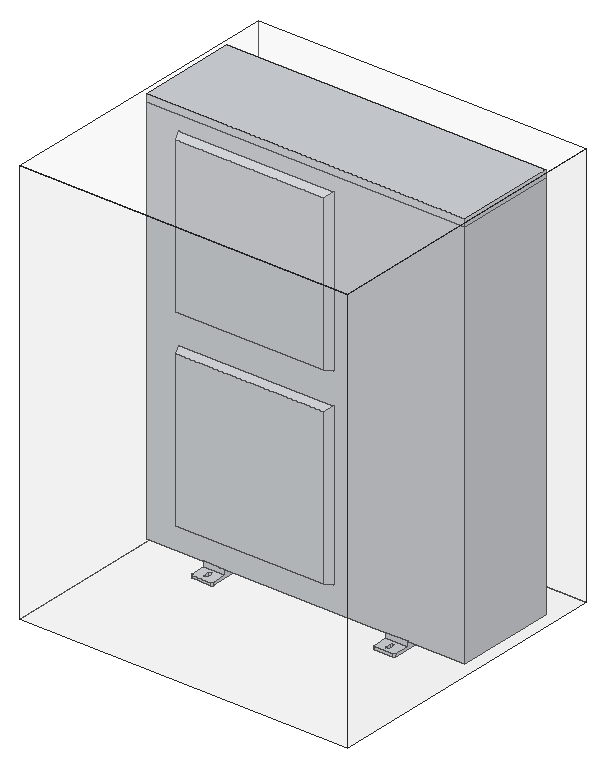
Revit family "puz-hrmp80160ka8_60hz", category 機械設備, Revit 2019
Family settings
  丸型コネクタ寸法 = 直径を使用
  パーツ タイプ = 標準
  OmniClass 番号 = 23.75.10.24.21.27.27
  OmniClass タイトル = Split System Air Conditioning Units
  作業面ベース = いいえ
  常に垂直 = はい
  ロード時にボイドで切り取り = いいえ
  共有 = いいえ
  部屋計算ポイント = いいえ
Parameters (values of type "室外機_PUZ-HRMP80KA8 (-BS_BSG)")
  音響パワーレベル_暖房 (dB) = 68
  音響パワーレベル_冷房 (dB) = 66
  音響パワーレベル(dB) = [音響パワーレベル_暖房 (dB)]  # 68
  電源種別 = ""
  電源位置Y = 2 mm
  電源位置Z = 1063 mm
  電源位置X = 325 mm
  電圧 = 200 V
  電動機出力_送風機 = 0.12 kW
  電動機出力_圧縮機 = 1.5 kW
  集中コントローラ [instance] = ""
  運転質量 = 0.00 kg
  運転方法 = "冷暖切替"
  質量 = if(製品質量 > 運転質量, 製品質量, 運転質量) * 1.2  # 135.60 kg
  負荷分類 = 1_熱源類
  説明 = "空冷H/P PAC インバータ室外機"
  設計暖房能力 [instance] = 0 kW
  設計冷房能力_顕熱 [instance] = 0 kW
  設計冷房能力 [instance] = 0 kW
  設置方法 = "床置形"
  記号 [instance] = ""
  製造元 = "三菱電機株式会社"
  製品質量 = 113.00 kg
  製品出荷対象 = "国内"
  製品リリース年月 = ""
  製品グループ = ""
  系統 [instance] = ""
  符号 = "PAC"
  積算_科目 = "1 空気調和設備"
  積算_拾い区分 [instance] = ""
  相 = 3
  盤記号 [instance] = ""
  発停方法 = "付属スイッチ"
  特殊仕様 [instance] = ""
  消費電力_暖房 = 1.92 kW
  消費電力_冷房 = 1.77 kW
  消費電力 = if(消費電力_冷房 > 消費電力_暖房, 消費電力_冷房, 消費電力_暖房)  # 1.92 kW
  法定耐用年数 = "6"
  構成品番 = "PUZ-HRMP80KA8 (-BS,-BSG)"
  極数 = 3
  材質 [instance] = ""
  本体マテリアル = none
  最小電線太さ_mm2 = 5.5
  最大電流値 = 0 A
  暖房能力 = 8 kW
  推奨ブレーカー容量 = 30 A
  据付ピッチ1 = 0 mm
  形式 = "パッケージ形 室外機"
  形名 = PUZ-ZRMP-3 : PUZ-ZRMP112KA11
  幹線記号 [instance] = ""
  始動方式 = "インバータ始動方式"
  呼称 = "パッケージ形空気調和機_室外機"
  周波数 = 60 Hz
  価格 = 0
  ドレン　位置Z = 23 mm
  ドレン　位置Y = 176 mm
  ドレン　位置X = 45 mm
  アンカーボルト位置Y = 370 mm
  アンカーボルト位置X = 600 mm
  参照している仕様書等のバージョン = "公共建築物標準仕様書（機械設備工事編）平成31年度版"
  分類コード = "5.0053E+13"
  分類グループ = ""
  冷房能力 = 7.1 kW
  冷媒管（ガス）位置X = 483 mm
  冷媒管（液）位置X = 423 mm
  冷媒管（液）位置Y = 290 mm
  冷媒管（ガス）位置Y = 234 mm
  冷媒管長 [instance] = 0 mm
  冷媒管径符号 = "Bd"
  冷媒管径 = 100.00 mm
  冷媒管位置Z = 450 mm
  冷媒管位置Y = (冷媒管（液）位置Y + 冷媒管（ガス）位置Y) / 2  # 262 mm
  冷媒管位置X = (冷媒管（液）位置X + 冷媒管（ガス）位置X) / 2  # 453 mm
  冷媒液管径 = 9.52 mm
  冷媒ガス管径 = 15.88 mm
  企業コード = "108420"
  付属品 [instance] = ""
  仕様書バージョン = "Version1.0"
  ユニット数 = 1
  Model = ""
  ドレン管径 = 33.00 mm
  サービススペース = yes
  コメント [instance] = ""
  ケーブル種類1 = ""
  【値が 0 の項目は組合せ形名にてご確認ください】 = ""
  Width = 1050 mm
  Version = ""
  Uniclass2015Version = "Systems v1.9"
  Uniclass2015Title = "Split coil remote air cooled condensing units"
  Uniclass2015Code = "Pr_70_65_03_84"
  URL = "https://www.mitsubishielectric.co.jp/ldg/wink/ssl/top.do"
  SpecificationReference = ""
  SpecificationDescription = ""
  Revision = ""
  ProductInformation = ""
  OmniClassCode = "23-33 17 13 11"
  IfcTypeProduct = ""
  IfcProduct = ""
  IfcExportType = "AIRCONDITIONINGUNIT"
  IfcExportAs = "IfcUnitaryEquipmentType"
  Height = 1338 mm
  Depth = 330 mm
  Clearance Top = 0 mm
  Clearance Right = 15 mm
  Clearance Left = 15 mm
  Clearance Front = 500 mm
  Clearance Bottom = 0 mm
  Clearance Back = 150 mm
  COP = 0
  Author = "三菱電機株式会社"
  APF = 0
Reference planes
  plane 1 "中心(正面/背面)": y = 74
  plane 2: z = 0
  plane 3 "中心(左/右)": x = 830
  plane 4 "右": x = 1355
  plane 5 "左": x = 305
  plane 6 "背面": y = 239
  plane 7 "正面": y = -91
  plane 8 "上部": z = 1338
  plane 9 "Clearanse Top": z = 1338
  plane 10 "SS_back": y = 389
  plane 11 "SS_front": y = -591
  plane 12 "SS_left": x = 290
  plane 13 "SS_right": x = 1370
  plane 14: z = 0
  plane 15: y = -89
  plane 16: x = 1155
  plane 17: z = 1063
  plane 18: y = -87
  plane 19: y = -23
  plane 20: x = 1283
  plane 21: z = 450
  plane 22: z = 452
  plane 23: y = 63
  plane 24: x = 350
  plane 25: z = 25
  plane 26: z = 23
  plane 27: x = 530
  plane 28: x = 1130
  plane 29: y = 259
  plane 30: y = -111
Forms (mm)
  Extrusion 1, solid, detail levels fine
    sketch origin (0, -91, 0) x (1, 0, 0) y (0, 0, 1)
      loop
        circle (1155, 1063) r 13.5
    from -4 to -2
  Extrusion 2, solid, detail levels fine
    sketch origin (-1437.329, -1524, 54) x (-1, 0, 0) y (0, -1, 0)
      loop
        circle (-2720.329, -1501) r 50
    from 396 to 398
  Extrusion 3, solid, detail levels fine
    sketch origin (-1437.329, -1524, 54) x (-1, 0, 0) y (0, -1, 0)
      loop
        circle (-1787.329, -1587) r 16.5
    from -31 to -29
Lines and regions (mm)
  model lines, not visible
    curve 1: line (460, 178.667, 1289.179) -> (460, 297.73, 1289.179)
    curve 2: line (460, 178.667, 1056.056) -> (460, 178.667, 1289.179)
    curve 3: line (460, 297.73, 1056.056) -> (460, 178.667, 1056.056)
    curve 4: line (460, 297.73, 1289.179) -> (460, 297.73, 1056.056)
    curve 5: line (460, 47.598, 1289.179) -> (460, 166.661, 1289.179)
    curve 6: line (460, 47.598, 1056.056) -> (460, 47.598, 1289.179)
    curve 7: line (460, 166.661, 1056.056) -> (460, 47.598, 1056.056)
    curve 8: line (460, 166.661, 1289.179) -> (460, 166.661, 1056.056)
    curve 9: line (460, -83.471, 1289.179) -> (460, 35.592, 1289.179)
    curve 10: line (460, -83.471, 1056.056) -> (460, -83.471, 1289.179)
    curve 11: line (460, 35.592, 1056.056) -> (460, -83.471, 1056.056)
    curve 12: line (460, 35.592, 1289.179) -> (460, 35.592, 1056.056)
    curve 13: line (460, -150.779, 1289.179) -> (460, -95.75, 1289.179)
    curve 14: line (460, -150.779, 1056.056) -> (460, -150.779, 1289.179)
    curve 15: line (460, -95.75, 1056.056) -> (460, -150.779, 1056.056)
    curve 16: line (460, -95.75, 1289.179) -> (460, -95.75, 1056.056)
    curve 17: line (460, -150.779, 1283.175) -> (460, -132.596, 1283.175)
    curve 18: line (460, -150.779, 1062.059) -> (460, -150.779, 1283.175)
    curve 19: line (460, -132.596, 1062.059) -> (460, -150.779, 1062.059)
    curve 20: line (460, -132.596, 1283.175) -> (460, -132.596, 1062.059)
    curve 21: line (460, 178.667, 1046.051) -> (460, 297.73, 1046.051)
    curve 22: line (460, 178.667, 812.928) -> (460, 178.667, 1046.051)
    curve 23: line (460, 297.73, 812.928) -> (460, 178.667, 812.928)
    curve 24: line (460, 297.73, 1046.051) -> (460, 297.73, 812.928)
    curve 25: line (460, 47.598, 1046.051) -> (460, 166.661, 1046.051)
    curve 26: line (460, 47.598, 812.928) -> (460, 47.598, 1046.051)
    curve 27: line (460, 166.661, 812.928) -> (460, 47.598, 812.928)
    curve 28: line (460, 166.661, 1046.051) -> (460, 166.661, 812.928)
    curve 29: line (460, -83.471, 1046.051) -> (460, 35.592, 1046.051)
    curve 30: line (460, -83.471, 812.928) -> (460, -83.471, 1046.051)
    curve 31: line (460, 35.592, 812.928) -> (460, -83.471, 812.928)
    curve 32: line (460, 35.592, 1046.051) -> (460, 35.592, 812.928)
    curve 33: line (460, -150.779, 1046.051) -> (460, -95.75, 1046.051)
    curve 34: line (460, -150.779, 812.928) -> (460, -150.779, 1046.051)
    curve 35: line (460, -95.75, 812.928) -> (460, -150.779, 812.928)
    curve 36: line (460, -95.75, 1046.051) -> (460, -95.75, 812.928)
    curve 37: line (460, -150.779, 1040.048) -> (460, -132.596, 1040.048)
    curve 38: line (460, -150.779, 818.931) -> (460, -150.779, 1040.048)
    curve 39: line (460, -132.596, 818.931) -> (460, -150.779, 818.931)
    curve 40: line (460, -132.596, 1040.048) -> (460, -132.596, 818.931)
    curve 41: line (460, 178.667, 802.923) -> (460, 297.73, 802.923)
    curve 42: line (460, 178.667, 569.8) -> (460, 178.667, 802.923)
    curve 43: line (460, 297.73, 569.8) -> (460, 178.667, 569.8)
    curve 44: line (460, 297.73, 802.923) -> (460, 297.73, 569.8)
    curve 45: line (460, 47.598, 802.923) -> (460, 166.661, 802.923)
    curve 46: line (460, 47.598, 569.8) -> (460, 47.598, 802.923)
    curve 47: line (460, 166.661, 569.8) -> (460, 47.598, 569.8)
    curve 48: line (460, 166.661, 802.923) -> (460, 166.661, 569.8)
    curve 49: line (460, -83.471, 802.923) -> (460, 35.592, 802.923)
    curve 50: line (460, -83.471, 569.8) -> (460, -83.471, 802.923)
    curve 51: line (460, 35.592, 569.8) -> (460, -83.471, 569.8)
    curve 52: line (460, 35.592, 802.923) -> (460, 35.592, 569.8)
    curve 53: line (460, -150.779, 802.923) -> (460, -95.75, 802.923)
    curve 54: line (460, -150.779, 569.8) -> (460, -150.779, 802.923)
    curve 55: line (460, -95.75, 569.8) -> (460, -150.779, 569.8)
    curve 56: line (460, -95.75, 802.923) -> (460, -95.75, 569.8)
    curve 57: line (460, -150.779, 796.92) -> (460, -132.596, 796.92)
    curve 58: line (460, -150.779, 575.803) -> (460, -150.779, 796.92)
    curve 59: line (460, -132.596, 575.803) -> (460, -150.779, 575.803)
    curve 60: line (460, -132.596, 796.92) -> (460, -132.596, 575.803)
    curve 61: line (460, 178.667, 559.795) -> (460, 297.73, 559.795)
    curve 62: line (460, 178.667, 326.672) -> (460, 178.667, 559.795)
    curve 63: line (460, 297.73, 326.672) -> (460, 178.667, 326.672)
    curve 64: line (460, 297.73, 559.795) -> (460, 297.73, 326.672)
    curve 65: line (460, 47.598, 559.795) -> (460, 166.661, 559.795)
    curve 66: line (460, 47.598, 326.672) -> (460, 47.598, 559.795)
    curve 67: line (460, 166.661, 326.672) -> (460, 47.598, 326.672)
    curve 68: line (460, 166.661, 559.795) -> (460, 166.661, 326.672)
    curve 69: line (460, -83.471, 559.795) -> (460, 35.592, 559.795)
    curve 70: line (460, -83.471, 326.672) -> (460, -83.471, 559.795)
    curve 71: line (460, 35.592, 326.672) -> (460, -83.471, 326.672)
    curve 72: line (460, 35.592, 559.795) -> (460, 35.592, 326.672)
    curve 73: line (460, -150.779, 559.795) -> (460, -95.75, 559.795)
    curve 74: line (460, -150.779, 326.672) -> (460, -150.779, 559.795)
    curve 75: line (460, -95.75, 326.672) -> (460, -150.779, 326.672)
    curve 76: line (460, -95.75, 559.795) -> (460, -95.75, 326.672)
    curve 77: line (460, -150.779, 553.792) -> (460, -132.596, 553.792)
    curve 78: line (460, -150.779, 332.675) -> (460, -150.779, 553.792)
    curve 79: line (460, -132.596, 332.675) -> (460, -150.779, 332.675)
    curve 80: line (460, -132.596, 553.792) -> (460, -132.596, 332.675)
    curve 81: line (460, 178.667, 316.667) -> (460, 297.73, 316.667)
    curve 82: line (460, 178.667, 83.544) -> (460, 178.667, 316.667)
    curve 83: line (460, 297.73, 83.544) -> (460, 178.667, 83.544)
    curve 84: line (460, 297.73, 316.667) -> (460, 297.73, 83.544)
    curve 85: line (460, 47.598, 316.667) -> (460, 166.661, 316.667)
    curve 86: line (460, 47.598, 83.544) -> (460, 47.598, 316.667)
    curve 87: line (460, 166.661, 83.544) -> (460, 47.598, 83.544)
    curve 88: line (460, 166.661, 316.667) -> (460, 166.661, 83.544)
    curve 89: line (460, -83.471, 316.667) -> (460, 35.592, 316.667)
    curve 90: line (460, -83.471, 83.544) -> (460, -83.471, 316.667)
    curve 91: line (460, 35.592, 83.544) -> (460, -83.471, 83.544)
    curve 92: line (460, 35.592, 316.667) -> (460, 35.592, 83.544)
    curve 93: line (460, -150.779, 316.667) -> (460, -95.75, 316.667)
    curve 94: line (460, -150.779, 83.544) -> (460, -150.779, 316.667)
    curve 95: line (460, -95.75, 83.544) -> (460, -150.779, 83.544)
    curve 96: line (460, -95.75, 316.667) -> (460, -95.75, 83.544)
    curve 97: line (460, -150.779, 310.664) -> (460, -132.596, 310.664)
    curve 98: line (460, -150.779, 89.547) -> (460, -150.779, 310.664)
    curve 99: line (460, -132.596, 89.547) -> (460, -150.779, 89.547)
    curve 100: line (460, -132.596, 310.664) -> (460, -132.596, 89.547)
Dimensions and locks
  equal spacing: plane 7 "正面", plane 1 "中心(正面/背面)", plane 6 "背面"
  "Depth": plane 7 "正面" to plane 6 "背面"
  "Width": plane 5 "左" to plane 4 "右"
  equal spacing: plane 5 "左", plane 3 "中心(左/右)", plane 4 "右"
  "Clearance Left": plane 12 "SS_left" to plane 5 "左"
  "Clearance Right": plane 4 "右" to plane 13 "SS_right"
  "Clearance Back": plane 6 "背面" to plane 10 "SS_back"
  "Clearance Front": plane 11 "SS_front" to plane 7 "正面"
  "Height": plane 8 "上部" to level
  "Clearance Top": plane 9 "Clearanse Top" to plane 8 "上部"
  "Clearance Bottom": level to plane 14
  "電源位置X": plane 3 "中心(左/右)" to plane 16
  "電源位置Y": plane 7 "正面" to plane 15
  "電源位置Z": plane 17 to level
  locked: plane 15 to plane 18 at 2
  "冷媒管位置X": plane 3 "中心(左/右)" to plane 20
  "冷媒管位置Y": plane 19 to plane 6 "背面"
  "冷媒管位置Z": plane 21 to level
  locked: plane 22 to plane 21 at 2
  "ドレン　位置X": plane 5 "左" to plane 24
  "ドレン　位置Y": plane 23 to plane 6 "背面"
  locked: plane 25 to plane 26 at 2
  "ドレン　位置Z": plane 26 to level
  equal spacing: plane 30, plane 1 "中心(正面/背面)", plane 29
  "アンカーボルト位置Y": plane 30 to plane 29
  equal spacing: plane 27, plane 3 "中心(左/右)", plane 28
  "アンカーボルト位置X": plane 27 to plane 28
  radius of Extrusion 1 sketch curve = 13.5 mm
  "冷媒管径": diameter of Extrusion 2 sketch curve
  "ドレン管径": diameter of Extrusion 3 sketch curve
  aligned and locked: level to plane 2
  aligned and locked: plane 10 "SS_back" to nested 1  (x2)
  aligned and locked: plane 13 "SS_right" to nested 1
  aligned and locked: plane 12 "SS_left" to nested 1  (x2)
  aligned and locked: nested 1 to plane 13 "SS_right"
  aligned and locked: plane 11 "SS_front" to nested 1
  aligned and locked: plane 9 "Clearanse Top" to nested 1
  aligned and locked: plane 1 "中心(正面/背面)" to nested 2
  aligned and locked: plane 3 "中心(左/右)" to nested 2
  aligned and locked: plane 14 to nested 1
  aligned and locked: plane 17 to Extrusion 1 sketch curve
  aligned and locked: plane 16 to Extrusion 1 sketch curve
  aligned and locked: Extrusion 1 to plane 18
  aligned and locked: plane 15 to Extrusion 1
  aligned and locked: plane 19 to Extrusion 2 sketch curve
  aligned and locked: plane 20 to Extrusion 2 sketch curve
  aligned and locked: plane 22 to Extrusion 2
  aligned and locked: Extrusion 2 to plane 21
  aligned and locked: plane 24 to Extrusion 3 sketch curve
  aligned and locked: plane 23 to Extrusion 3 sketch curve
  aligned and locked: plane 25 to Extrusion 3
  aligned and locked: Extrusion 3 to plane 26
  aligned and locked: plane 27 to nested 3
  aligned and locked: plane 29 to nested 3
Nested families
  nested 1: "サービススペース" at (830, -101, 669), visible <- "サービススペース", type "サービススペース"
    with Width 1080 mm, Height 1338 mm, Depth 980 mm
  nested 2: "PUZ-ZRMP-3" at (830, 74, 0), type <- "形名", type "PUZ-ZRMP112KA11"
  nested 3: "固定点" at (530, -111, 0), type "固定点"
    with W 600 mm, D 370 mm
Connectors
  piping at (1283, -23, 450), diameter 100, driven by "冷媒管径", driven by "冷媒管径符号"
    settings: on Extrusion 2, index 1, connector inside diameter 609.60 mm, connector length 0 mm, flow factor 0, pipe flow 0.0 L/s, pressure drop 0.0 Pa, fitting loss kfactor 0, connector angle 0.00°, fixture units 0, engagement length 0 mm, angle of deflection 0.00°, flow configuration 1, flow direction 2, fitting loss method 4, system type 7, joint type 0, gender type 0, connector reference index -1, connector utility 0, adjustable connector no, is connector primary yes, connector description "Bd"
  electrical at (1155, -89, 1063), driven by "極数", driven by "負荷分類", driven by "電圧", driven by "消費電力"
    settings: on Extrusion 1, index 2, voltage 200 V, apparent load 1920 VA, apparent load phase1 0 VA, apparent load phase2 0 VA, apparent load phase3 0 VA, power factor 1, load classification "1_熱源類", number of poles 3, system type 30, power factor state 1, is connector primary yes, connector utility no, sub classification motor no, connector description ""
Definition of nested family "サービススペース"
  Parameters (values of type "サービススペース")
    Width [instance] = 500 mm
    Height [instance] = 500 mm
    Depth [instance] = 500 mm
  Reference planes
    plane 1 "中心(正面/背面)": y = 0
    plane 2: z = 0
    plane 3 "中心(左/右)": x = 0
    plane 4: y = -250
    plane 5: x = 250
    plane 6: y = 250
    plane 7: x = -250
    plane 8: z = 250
    plane 9: z = -250
  Forms (mm)
    Extrusion 1, solid
      sketch origin (-638.939, 0, 72.39) x (1, 0, 0) y (0, 1, 0)
        loop
          line (388.939, 250) -> (388.939, -250) -> (888.939, -250) -> (888.939, 250) -> (388.939, 250)
      from -322.39 to 177.61
  Lines and regions (mm)
    symbolic lines
      curve 1: line (-250, 0, 250) -> (250, 0, 250)
      curve 2: line (-250, 0, -250) -> (-250, 0, 250)
      curve 3: line (250, 0, -250) -> (-250, 0, -250)
      curve 4: line (250, 0, 250) -> (250, 0, -250)
      curve 5: line (0, -250, 250) -> (0, 250, 250)
      curve 6: line (0, -250, -250) -> (0, -250, 250)
      curve 7: line (0, 250, -250) -> (0, -250, -250)
      curve 8: line (0, 250, 250) -> (0, 250, -250)
      curve 9: line (-250, 250, 0) -> (250, 250, 0)
      curve 10: line (-250, -250, 0) -> (-250, 250, 0)
      curve 11: line (250, -250, 0) -> (-250, -250, 0)
      curve 12: line (250, 250, 0) -> (250, -250, 0)
  Dimensions and locks
    equal spacing: plane 7, plane 3 "中心(左/右)", plane 5
    equal spacing: plane 4, plane 1 "中心(正面/背面)", plane 6
    "Depth": plane 4 to plane 6
    "Width": plane 7 to plane 5
    equal spacing: plane 8, plane 2, plane 9
    "Height": plane 8 to plane 9
    aligned and locked: plane 9 to curve 3
    aligned and locked: plane 7 to curve 2
    aligned and locked: curve 4 to plane 5
    aligned and locked: plane 5 to Extrusion 1
    aligned and locked: Extrusion 1 to plane 7
    aligned and locked: Extrusion 1 to plane 9
    aligned and locked: plane 8 to Extrusion 1
    aligned and locked: plane 9 to curve 7
  Automatic sketch dimensions
    plane 4 to Extrusion 1 sketch curve = 0 mm
    Extrusion 1 sketch curve to plane 7 = 0 mm
    Extrusion 1 sketch curve to plane 5 = 0 mm
    plane 6 to Extrusion 1 sketch curve = 0 mm
    curve 2 to plane 8 = 0 mm
    plane 4 to curve 11 = 0 mm
    curve 11 to plane 7 = 0 mm
    curve 11 to plane 5 = 0 mm
    plane 6 to curve 10 = 0 mm
    curve 7 to plane 4 = 0 mm
    curve 7 to plane 6 = 0 mm
    curve 6 to plane 8 = 0 mm
Definition of nested family "PUZ-ZRMP-3"
  Parameters (values of type "PUZ-ZRMP112KA11")
    配線取出口サイズ = 27 mm
    配線取出口-Z = 1063 mm
    配線取出口-Y = 325 mm
    配線取出口-X = 325 mm
    液配管サイズ = 100 mm
    高さ = 1338 mm
    換気-W = 362 mm
    換気-H2 = 632 mm
    換気-H1 = 369 mm
    換気-D = 25 mm
    奥行き = 330 mm
    吊りボルト_H = 0 mm
    吊りボルト-φ = 12 mm
    冷媒配管サイズ = 9.52 mm
    冷媒液管径-Z = 450 mm
    冷媒液管径-Y = 290 mm
    冷媒液管径-X = 423 mm
    冷媒ガス管径-Z = 421 mm
    冷媒ガス管径-Y = 234 mm
    冷媒ガス管径-X = 483 mm
    吊りボルト-W = 600 mm
    マテリアル = none
    ドレン配管サイズ = 33 mm
    ドレン管径-Z = 0 mm
    ドレン管径-Y = 154 mm
    ドレン管径-X = 480 mm
    タイプ3 = yes
    タイプ2 = no
    タイプ1 = no
    ガス配管サイズ = 15.88 mm
    吊りボルト-D = 370 mm
    幅さ = 1050 mm
    a = 幅さ / 2  # 525 mm
  Reference planes
    plane 1 "中心(正面/背面)": y = 0
    plane 2: z = 0
    plane 3 "中心(左/右)": x = 0
    plane 4: z = 1338
    plane 5: x = -525
    plane 6: x = 525
    plane 7: y = 165
    plane 8: y = -165
    plane 9: x = 587
    plane 10: y = -105
    plane 11: y = 5
    plane 12: z = 1313
    plane 13: x = -545
    plane 14: x = -300
    plane 15: x = 300
    plane 16: y = 185
    plane 17: y = -185
    plane 18: x = 335
    plane 19: x = 265
    plane 20: x = -265
    plane 21: x = -335
    plane 22: y = 204
    plane 23: y = -218
    plane 24: z = 8.5
    plane 25: z = 25
    plane 26: z = 23
    plane 27: z = 1333
    plane 28: y = -40
    plane 29: y = 40
    plane 30: y = -30
    plane 31: y = 30
    plane 32: z = 1318
    plane 33: z = 55
    plane 34: z = 225
    plane 35: z = 570
    plane 36: x = 535
    plane 37: x = 556
    plane 38: y = -190
    plane 39: x = -163
    plane 40: z = 369
    plane 41: x = 91
    plane 42: x = -417
    plane 43: z = 633
    plane 44: z = 105
    plane 45: x = -407
    plane 46: x = 81
    plane 47: z = 623
    plane 48: z = 115
    plane 49: y = 115
    plane 50: y = -115
    plane 51: x = -480
    plane 52: y = -11
    plane 53: x = 483
    plane 54: x = 325
    plane 55: y = -160
    plane 56: y = -125
    plane 57: y = -69
    plane 58: x = 423
    plane 59: z = 421
    plane 60: z = 450
    plane 61: z = 1063
    plane 62: y = -110
    plane 63: z = 550
    plane 64: z = 550
    plane 65: x = 453
    plane 66: y = -97
    plane 67 "グループ": x = -525
    plane 68: z = 1338
    plane 69: z = 943
    plane 70: z = 1001
    plane 71: z = 1265
    plane 72: z = 737
    plane 73: z = 1255
    plane 74: z = 747
    plane 75: y = 125
    plane 76: x = -370
    plane 77: x = -210
    plane 78: x = -50
    plane 79: x = 110
  Forms (mm)
    Extrusion 1, solid, visible <- "タイプ3", detail levels fine
      sketch origin (-1437.329, -1524, 1338) x (-1, 0, 0) y (0, -1, 0)
        loop
          line (-1102.329, -1689) -> (-1102.329, -1359) -> (-1172.329, -1359) -> (-1172.329, -1689) -> (-1102.329, -1689)
        loop
          line (-1702.329, -1689) -> (-1702.329, -1359) -> (-1772.329, -1359) -> (-1772.329, -1689) -> (-1702.329, -1689)
      from -1338 to -1313
    Extrusion 2, solid, material <- "マテリアル", visible <- "タイプ3", detail levels fine
      sketch origin (-1437.329, -1524, 1338) x (-1, 0, 0) y (0, -1, 0)
        loop
          line (-1962.329, -1689) -> (-912.329, -1689) -> (-912.329, -1359) -> (-1962.329, -1359) -> (-1962.329, -1689)
      from -1313 to -25
    Extrusion 3, solid, material <- "マテリアル", visible <- "タイプ3", detail levels fine
      sketch origin (-1437.329, -1524, 1338) x (-1, 0, 0) y (0, -1, 0)
        loop
          line (-912.329, -1689) -> (-912.329, -1359) -> (-1962.329, -1359) -> (-1962.329, -1689) -> (-912.329, -1689)
      from -25 to 0
    Blend 4, solid, material <- "マテリアル", visible <- "タイプ3", detail levels fine
      base sketch origin (0, 0, 0) x (1, 0, 0) y (0, 0, 1)
        loop
          line (-417, 633) -> (-417, 105) -> (91, 105) -> (91, 633) -> (-417, 633)
      top sketch origin (0, 0, 0) x (1, 0, 0) y (0, 0, 1)
        loop
          line (-407, 623) -> (-407, 115) -> (81, 115) -> (81, 623) -> (-407, 623)
      from 165 to 190
    Extrusion 5, solid, material <- "マテリアル", visible <- "タイプ3", detail levels fine
      sketch origin (-1437.329, -1524, 1338) x (-1, 0, 0) y (0, -1, 0)
        loop
          circle (-1920.329, -1455) r 7.94
      from -917 to -788
    Extrusion 6, solid, material <- "マテリアル", visible <- "タイプ3", detail levels fine
      sketch origin (-1437.329, -1524, 1338) x (-1, 0, 0) y (0, -1, 0)
        loop
          circle (-1860.329, -1399) r 4.76
      from -888 to -788
    Extrusion 7, solid, material <- "マテリアル", visible <- "タイプ3", detail levels fine
      sketch origin (1480.036, -190, 1200) x (1, 0, 0) y (0, 0, 1)
        loop
          circle (-1155.036, -137) r 13.5
      from -80 to -30
    Extrusion 8, solid, material <- "マテリアル", visible <- "タイプ3", detail levels fine
      sketch origin (-1437.329, -1524, 1338) x (-1, 0, 0) y (0, -1, 0)
        loop
          circle (-1890.329, -1427) r 50
      from -888 to -788
    Blend 9, solid, material <- "マテリアル", visible <- "タイプ3", detail levels fine
      base sketch origin (1480.036, -190, 1200) x (1, 0, 0) y (0, 0, 1)
        loop
          line (-1897.036, 65) -> (-1897.036, -463) -> (-1389.036, -463) -> (-1389.036, 65) -> (-1897.036, 65)
      top sketch origin (1480.036, -190, 1200) x (1, 0, 0) y (0, 0, 1)
        loop
          line (-1887.036, 55) -> (-1887.036, -453) -> (-1399.036, -453) -> (-1399.036, 55) -> (-1887.036, 55)
      from -25 to 0
    Extrusion 10, solid, visible <- "タイプ3", detail levels fine
      sketch origin (-1437.329, -1524, 1338) x (-1, 0, 0) y (0, -1, 0)
        loop
          line (-1102.329, -1728) -> (-1102.329, -1689) -> (-1172.329, -1689) -> (-1172.329, -1728) -> (-1143.329, -1728) -> (-1143.329, -1709)
          arc (-1143.329, -1709) -> (-1137.329, -1703) -> (-1131.329, -1709) r 6
          line (-1131.329, -1709) -> (-1131.329, -1728) -> (-1102.329, -1728)
        loop
          line (-1102.329, -1359) -> (-1102.329, -1311)
          arc (-1102.329, -1311) -> (-1103.794, -1307.464) -> (-1107.329, -1306) r 5
          line (-1107.329, -1306) -> (-1167.329, -1306)
          arc (-1167.329, -1306) -> (-1170.865, -1307.464) -> (-1172.329, -1311) r 5
          line (-1172.329, -1311) -> (-1172.329, -1359) -> (-1102.329, -1359)
        loop
          arc (-1143.329, -1339) -> (-1137.329, -1345) -> (-1131.329, -1339) r 6
          line (-1131.329, -1339) -> (-1131.329, -1324)
          arc (-1131.329, -1324) -> (-1137.329, -1318) -> (-1143.329, -1324) r 6
          line (-1143.329, -1324) -> (-1143.329, -1339)
        loop
          line (-1772.329, -1728) -> (-1743.329, -1728) -> (-1743.329, -1709)
          arc (-1743.329, -1709) -> (-1737.329, -1703) -> (-1731.329, -1709) r 6
          line (-1731.329, -1709) -> (-1731.329, -1728) -> (-1702.329, -1728) -> (-1702.329, -1689) -> (-1772.329, -1689) -> (-1772.329, -1728)
        loop
          line (-1772.329, -1359) -> (-1702.329, -1359) -> (-1702.329, -1311)
          arc (-1702.329, -1311) -> (-1703.794, -1307.464) -> (-1707.329, -1306) r 5
          line (-1707.329, -1306) -> (-1767.329, -1306)
          arc (-1767.329, -1306) -> (-1770.865, -1307.464) -> (-1772.329, -1311) r 5
          line (-1772.329, -1311) -> (-1772.329, -1359)
        loop
          line (-1731.329, -1339) -> (-1731.329, -1324)
          arc (-1731.329, -1324) -> (-1737.329, -1318) -> (-1743.329, -1324) r 6
          line (-1743.329, -1324) -> (-1743.329, -1339)
          arc (-1743.329, -1339) -> (-1737.329, -1345) -> (-1731.329, -1339) r 6
      from -1338 to -1329.5
    Extrusion 11, solid, material <- "マテリアル", visible <- "タイプ3", detail levels fine
      sketch origin (-1437.329, -1524, 1338) x (-1, 0, 0) y (0, -1, 0)
        loop
          circle (-957.329, -1513) r 16.5
        loop
          circle (-1067.329, -1649) r 16.5
        loop
          circle (-1227.329, -1649) r 16.5
        loop
          circle (-1387.329, -1649) r 16.5
        loop
          circle (-1547.329, -1649) r 16.5
      from -1315 to -1313
  Cuts and joins
    joined: Extrusion 1, Extrusion 10
  Lines and regions (mm)
    Masking region 1, visible <- "タイプ3", detail levels coarse+medium
      outline origin (-1437.329, -1524, 1338) x (-1, 0, 0) y (0, -1, 0)
        loop
          line (-1962.329, -1689) -> (-1772.329, -1689) -> (-1772.329, -1728) -> (-1702.329, -1728) -> (-1702.329, -1689) -> (-1172.329, -1689) -> (-1172.329, -1728) -> (-1102.329, -1728) -> (-1102.329, -1689) -> (-912.329, -1689) -> (-912.329, -1359) -> (-1020.329, -1359) -> (-1030.329, -1334) -> (-1102.329, -1334) -> (-1102.329, -1306) -> (-1172.329, -1306) -> (-1172.329, -1334) -> (-1518.329, -1334) -> (-1528.329, -1359) -> (-1702.329, -1359) -> (-1702.329, -1306) -> (-1772.329, -1306) -> (-1772.329, -1359) -> (-1962.329, -1359) -> (-1962.329, -1689)
    model lines, visible <- "タイプ3", detail levels fine
      curve 1: line (447, 115, 1338) -> (-445, 115, 1338)
      curve 2: line (-445, -115, 1338) -> (447, -115, 1338)
      curve 3: line (-445, -45, 1338) -> (447, -45, 1338)
      curve 4: line (447, 45, 1338) -> (-445, 45, 1338)
      curve 5: line (-445, -35, 1338) -> (447, -35, 1338)
      curve 6: line (447, 35, 1338) -> (-445, 35, 1338)
      curve 7: line (-445, 115, 1338) -> (-445, 45, 1338)
      curve 8: line (447, -115, 1338) -> (447, -45, 1338)
      curve 9: line (-445, 35, 1338) -> (-445, -35, 1338)
      curve 10: line (-445, -45, 1338) -> (-445, -115, 1338)
      curve 11: line (447, -35, 1338) -> (447, 35, 1338)
      curve 12: line (447, 45, 1338) -> (447, 115, 1338)
      curve 13: line (479, -115, 1338) -> (479, 115, 1338)
      curve 14: line (462, -115, 1338) -> (462, 115, 1338)
      curve 15: line (-475, 115, 1338) -> (-475, -115, 1338)
      curve 16: line (-460, 115, 1338) -> (-460, -115, 1338)
      curve 17: line (-460, 115, 1338) -> (-475, 115, 1338)
      curve 18: line (-460, -115, 1338) -> (-475, -115, 1338)
      curve 19: line (462, 115, 1338) -> (479, 115, 1338)
      curve 20: line (462, -115, 1338) -> (479, -115, 1338)
      curve 21: line (-407, -190, 416.5) -> (81, -190, 416.5)
      curve 22: line (81, -190, 321.5) -> (-407, -190, 321.5)
      curve 23: line (-407, -190, 511.5) -> (81, -190, 511.5)
      curve 24: line (-407, -190, 606.5) -> (81, -190, 606.5)
      curve 25: line (81, -190, 226.5) -> (-407, -190, 226.5)
      curve 26: line (81, -190, 131.5) -> (-407, -190, 131.5)
      curve 27: line (-389.571, -190, 623) -> (-389.571, -190, 115)
      curve 28: line (63.571, -190, 115) -> (63.571, -190, 623)
      curve 29: line (-372.143, -190, 623) -> (-372.143, -190, 115)
      curve 30: line (-354.714, -190, 623) -> (-354.714, -190, 115)
      curve 31: line (-337.286, -190, 623) -> (-337.286, -190, 115)
      curve 32: line (-319.857, -190, 623) -> (-319.857, -190, 115)
      curve 33: line (-302.429, -190, 623) -> (-302.429, -190, 115)
      curve 34: line (-285, -190, 623) -> (-285, -190, 115)
      curve 35: line (-267.571, -190, 623) -> (-267.571, -190, 115)
      curve 36: line (-250.143, -190, 623) -> (-250.143, -190, 115)
      curve 37: line (-232.714, -190, 623) -> (-232.714, -190, 115)
      curve 38: line (-215.286, -190, 623) -> (-215.286, -190, 115)
      curve 39: line (-197.857, -190, 623) -> (-197.857, -190, 115)
      curve 40: line (-180.429, -190, 623) -> (-180.429, -190, 115)
      curve 41: line (-163, -190, 623) -> (-163, -190, 115)
      curve 42: line (-145.571, -190, 623) -> (-145.571, -190, 115)
      curve 43: line (-128.143, -190, 623) -> (-128.143, -190, 115)
      curve 44: line (-110.714, -190, 623) -> (-110.714, -190, 115)
      curve 45: line (-93.286, -190, 623) -> (-93.286, -190, 115)
      curve 46: line (-75.857, -190, 623) -> (-75.857, -190, 115)
      curve 47: line (-58.429, -190, 623) -> (-58.429, -190, 115)
      curve 48: line (-41, -190, 623) -> (-41, -190, 115)
      curve 49: line (-23.571, -190, 623) -> (-23.571, -190, 115)
      curve 50: line (-6.143, -190, 623) -> (-6.143, -190, 115)
      curve 51: line (11.286, -190, 623) -> (11.286, -190, 115)
      curve 52: line (28.714, -190, 623) -> (28.714, -190, 115)
      curve 53: line (46.143, -190, 623) -> (46.143, -190, 115)
      curve 54: line (-525, -100, 87) -> (-525, -60, 87)
      curve 55: line (-525, -100, 277) -> (-525, -100, 87)
      curve 56: line (-525, -60, 277) -> (-525, -100, 277)
      curve 57: line (-525, -60, 87) -> (-525, -60, 277)
      curve 58: line (-525, -100, 292) -> (-525, -60, 292)
      curve 59: line (-525, -100, 482) -> (-525, -100, 292)
      curve 60: line (-525, -60, 482) -> (-525, -100, 482)
      curve 61: line (-525, -60, 292) -> (-525, -60, 482)
      curve 62: line (-525, -100, 497) -> (-525, -60, 497)
      curve 63: line (-525, -100, 687) -> (-525, -100, 497)
      curve 64: line (-525, -60, 687) -> (-525, -100, 687)
      curve 65: line (-525, -60, 497) -> (-525, -60, 687)
      curve 66: line (-525, -100, 702) -> (-525, -60, 702)
      curve 67: line (-525, -100, 892) -> (-525, -100, 702)
      curve 68: line (-525, -60, 892) -> (-525, -100, 892)
      curve 69: line (-525, -60, 702) -> (-525, -60, 892)
      curve 70: line (-525, 60, 87) -> (-525, 100, 87)
      curve 71: line (-525, 60, 277) -> (-525, 60, 87)
      curve 72: line (-525, 100, 277) -> (-525, 60, 277)
      curve 73: line (-525, 100, 87) -> (-525, 100, 277)
      curve 74: line (-525, -46.667, 87) -> (-525, -6.667, 87)
      curve 75: line (-525, -46.667, 277) -> (-525, -46.667, 87)
      curve 76: line (-525, -6.667, 277) -> (-525, -46.667, 277)
      curve 77: line (-525, -6.667, 87) -> (-525, -6.667, 277)
      curve 78: line (-525, 6.667, 87) -> (-525, 46.667, 87)
      curve 79: line (-525, 6.667, 277) -> (-525, 6.667, 87)
      curve 80: line (-525, 46.667, 277) -> (-525, 6.667, 277)
      curve 81: line (-525, 46.667, 87) -> (-525, 46.667, 277)
      curve 82: line (-525, 60, 292) -> (-525, 100, 292)
      curve 83: line (-525, 60, 482) -> (-525, 60, 292)
      curve 84: line (-525, 100, 482) -> (-525, 60, 482)
      curve 85: line (-525, 100, 292) -> (-525, 100, 482)
      curve 86: line (-525, 60, 702) -> (-525, 100, 702)
      curve 87: line (-525, 60, 892) -> (-525, 60, 702)
      curve 88: line (-525, 100, 892) -> (-525, 60, 892)
      curve 89: line (-525, 100, 702) -> (-525, 100, 892)
      curve 90: line (-525, -46.667, 292) -> (-525, -6.667, 292)
      curve 91: line (-525, -46.667, 482) -> (-525, -46.667, 292)
      curve 92: line (-525, -6.667, 482) -> (-525, -46.667, 482)
      curve 93: line (-525, -6.667, 292) -> (-525, -6.667, 482)
      curve 94: line (-525, -46.667, 497) -> (-525, -6.667, 497)
      curve 95: line (-525, -46.667, 687) -> (-525, -46.667, 497)
      curve 96: line (-525, -6.667, 687) -> (-525, -46.667, 687)
      curve 97: line (-525, -6.667, 497) -> (-525, -6.667, 687)
      curve 98: line (-525, -46.667, 702) -> (-525, -6.667, 702)
      curve 99: line (-525, -46.667, 892) -> (-525, -46.667, 702)
      curve 100: line (-525, -6.667, 892) -> (-525, -46.667, 892)
      curve 101: line (-525, -6.667, 702) -> (-525, -6.667, 892)
      curve 102: line (-525, 6.667, 292) -> (-525, 46.667, 292)
      curve 103: line (-525, 6.667, 482) -> (-525, 6.667, 292)
      curve 104: line (-525, 46.667, 482) -> (-525, 6.667, 482)
      curve 105: line (-525, 46.667, 292) -> (-525, 46.667, 482)
      curve 106: line (-525, 6.667, 497) -> (-525, 46.667, 497)
      curve 107: line (-525, 6.667, 687) -> (-525, 6.667, 497)
      curve 108: line (-525, 46.667, 687) -> (-525, 6.667, 687)
      curve 109: line (-525, 46.667, 497) -> (-525, 46.667, 687)
      curve 110: line (-525, 6.667, 702) -> (-525, 46.667, 702)
      curve 111: line (-525, 6.667, 892) -> (-525, 6.667, 702)
      curve 112: line (-525, 46.667, 892) -> (-525, 6.667, 892)
      curve 113: line (-525, 46.667, 702) -> (-525, 46.667, 892)
      curve 114: line (-525, -100, 907) -> (-525, -60, 907)
      curve 115: line (-525, -100, 1097) -> (-525, -100, 907)
      curve 116: line (-525, -60, 1097) -> (-525, -100, 1097)
      curve 117: line (-525, -60, 907) -> (-525, -60, 1097)
      curve 118: line (-525, 60, 907) -> (-525, 100, 907)
      curve 119: line (-525, 60, 1097) -> (-525, 60, 907)
      curve 120: line (-525, 100, 1097) -> (-525, 60, 1097)
      curve 121: line (-525, 100, 907) -> (-525, 100, 1097)
      curve 122: line (-525, -46.667, 907) -> (-525, -6.667, 907)
      curve 123: line (-525, -46.667, 1097) -> (-525, -46.667, 907)
      curve 124: line (-525, -6.667, 1097) -> (-525, -46.667, 1097)
      curve 125: line (-525, -6.667, 907) -> (-525, -6.667, 1097)
      curve 126: line (-525, 6.667, 907) -> (-525, 46.667, 907)
      curve 127: line (-525, 6.667, 1097) -> (-525, 6.667, 907)
      curve 128: line (-525, 46.667, 1097) -> (-525, 6.667, 1097)
      curve 129: line (-525, 46.667, 907) -> (-525, 46.667, 1097)
      curve 130: line (-525, -100, 1112) -> (-525, -60, 1112)
      curve 131: line (-525, -100, 1302) -> (-525, -100, 1112)
      curve 132: line (-525, -60, 1302) -> (-525, -100, 1302)
      curve 133: line (-525, -60, 1112) -> (-525, -60, 1302)
      curve 134: line (-525, 60, 1112) -> (-525, 100, 1112)
      curve 135: line (-525, 60, 1302) -> (-525, 60, 1112)
      curve 136: line (-525, 100, 1302) -> (-525, 60, 1302)
      curve 137: line (-525, 100, 1112) -> (-525, 100, 1302)
      curve 138: line (-525, -46.667, 1112) -> (-525, -6.667, 1112)
      curve 139: line (-525, -46.667, 1302) -> (-525, -46.667, 1112)
      curve 140: line (-525, -6.667, 1302) -> (-525, -46.667, 1302)
      curve 141: line (-525, -6.667, 1112) -> (-525, -6.667, 1302)
      curve 142: line (-525, 6.667, 1112) -> (-525, 46.667, 1112)
      curve 143: line (-525, 6.667, 1302) -> (-525, 6.667, 1112)
      curve 144: line (-525, 46.667, 1302) -> (-525, 6.667, 1302)
      curve 145: line (-525, 46.667, 1112) -> (-525, 46.667, 1302)
      curve 303: line (81, -190, 1238.5) -> (-407, -190, 1238.5)
      curve 304: line (-407, -190, 763.5) -> (81, -190, 763.5)
      curve 305: line (-389.571, -190, 1255) -> (-389.571, -190, 747)
      curve 306: line (81, -190, 858.5) -> (-407, -190, 858.5)
      curve 307: line (81, -190, 1143.5) -> (-407, -190, 1143.5)
      curve 308: line (81, -190, 1048.5) -> (-407, -190, 1048.5)
      curve 309: line (-407, -190, 953.5) -> (81, -190, 953.5)
      curve 310: line (-372.143, -190, 1255) -> (-372.143, -190, 747)
      curve 311: line (-354.714, -190, 1255) -> (-354.714, -190, 747)
      curve 312: line (-337.286, -190, 1255) -> (-337.286, -190, 747)
      curve 313: line (-319.857, -190, 1255) -> (-319.857, -190, 747)
      curve 314: line (-302.429, -190, 1255) -> (-302.429, -190, 747)
      curve 315: line (-285, -190, 1255) -> (-285, -190, 747)
      curve 316: line (-267.571, -190, 1255) -> (-267.571, -190, 747)
      curve 317: line (-250.143, -190, 1255) -> (-250.143, -190, 747)
      curve 318: line (-232.714, -190, 1255) -> (-232.714, -190, 747)
      curve 319: line (-215.286, -190, 1255) -> (-215.286, -190, 747)
      curve 320: line (-197.857, -190, 1255) -> (-197.857, -190, 747)
      curve 321: line (-180.429, -190, 1255) -> (-180.429, -190, 747)
      curve 322: line (-163, -190, 1255) -> (-163, -190, 747)
      curve 323: line (-145.571, -190, 1255) -> (-145.571, -190, 747)
      curve 324: line (-128.143, -190, 1255) -> (-128.143, -190, 747)
      curve 325: line (-110.714, -190, 1255) -> (-110.714, -190, 747)
      curve 326: line (-93.286, -190, 1255) -> (-93.286, -190, 747)
      curve 327: line (-75.857, -190, 1255) -> (-75.857, -190, 747)
      curve 328: line (-58.429, -190, 1255) -> (-58.429, -190, 747)
      curve 329: line (-41, -190, 1255) -> (-41, -190, 747)
      curve 330: line (-23.571, -190, 1255) -> (-23.571, -190, 747)
      curve 331: line (-6.143, -190, 1255) -> (-6.143, -190, 747)
      curve 332: line (11.286, -190, 1255) -> (11.286, -190, 747)
      curve 333: line (28.714, -190, 1255) -> (28.714, -190, 747)
      curve 334: line (46.143, -190, 1255) -> (46.143, -190, 747)
      curve 335: line (63.571, -190, 1255) -> (63.571, -190, 747)
    model lines, visible <- "タイプ3", not visible, detail levels fine
      curve 146: line (-525, -100, 907) -> (-525, -60, 907)
      curve 147: line (-525, -100, 1097) -> (-525, -100, 907)
      curve 148: line (-525, -60, 1097) -> (-525, -100, 1097)
      curve 149: line (-525, -60, 907) -> (-525, -60, 1097)
      curve 150: line (-525, 60, 907) -> (-525, 100, 907)
      curve 151: line (-525, 60, 1097) -> (-525, 60, 907)
      curve 152: line (-525, 100, 1097) -> (-525, 60, 1097)
      curve 153: line (-525, 100, 907) -> (-525, 100, 1097)
      curve 154: line (-525, -46.667, 907) -> (-525, -6.667, 907)
      curve 155: line (-525, -46.667, 1097) -> (-525, -46.667, 907)
      curve 156: line (-525, -6.667, 1097) -> (-525, -46.667, 1097)
      curve 157: line (-525, -6.667, 907) -> (-525, -6.667, 1097)
      curve 158: line (-525, 6.667, 907) -> (-525, 46.667, 907)
      curve 159: line (-525, 6.667, 1097) -> (-525, 6.667, 907)
      curve 160: line (-525, 46.667, 1097) -> (-525, 6.667, 1097)
      curve 161: line (-525, 46.667, 907) -> (-525, 46.667, 1097)
      curve 162: line (-525, -100, 1112) -> (-525, -60, 1112)
      curve 163: line (-525, -100, 1302) -> (-525, -100, 1112)
      curve 164: line (-525, -60, 1302) -> (-525, -100, 1302)
      curve 165: line (-525, -60, 1112) -> (-525, -60, 1302)
      curve 166: line (-525, 60, 1112) -> (-525, 100, 1112)
      curve 167: line (-525, 60, 1302) -> (-525, 60, 1112)
      curve 168: line (-525, 100, 1302) -> (-525, 60, 1302)
      curve 169: line (-525, 100, 1112) -> (-525, 100, 1302)
      curve 170: line (-525, -46.667, 1112) -> (-525, -6.667, 1112)
      curve 171: line (-525, -46.667, 1302) -> (-525, -46.667, 1112)
      curve 172: line (-525, -6.667, 1302) -> (-525, -46.667, 1302)
      curve 173: line (-525, -6.667, 1112) -> (-525, -6.667, 1302)
      curve 174: line (-525, 6.667, 1112) -> (-525, 46.667, 1112)
      curve 175: line (-525, 6.667, 1302) -> (-525, 6.667, 1112)
      curve 176: line (-525, 46.667, 1302) -> (-525, 6.667, 1302)
      curve 177: line (-525, 46.667, 1112) -> (-525, 46.667, 1302)
      curve 194: line (-525, -100, 87) -> (-525, -60, 87)
      curve 195: line (-525, -100, 277) -> (-525, -100, 87)
      curve 196: line (-525, -60, 277) -> (-525, -100, 277)
      curve 197: line (-525, -60, 87) -> (-525, -60, 277)
      curve 198: line (-525, -100, 292) -> (-525, -60, 292)
      curve 199: line (-525, -100, 482) -> (-525, -100, 292)
      curve 200: line (-525, -60, 482) -> (-525, -100, 482)
      curve 201: line (-525, -60, 292) -> (-525, -60, 482)
      curve 202: line (-525, -100, 497) -> (-525, -60, 497)
      curve 203: line (-525, -100, 687) -> (-525, -100, 497)
      curve 204: line (-525, -60, 687) -> (-525, -100, 687)
      curve 205: line (-525, -60, 497) -> (-525, -60, 687)
      curve 206: line (-525, -100, 702) -> (-525, -60, 702)
      curve 207: line (-525, -100, 892) -> (-525, -100, 702)
      curve 208: line (-525, -60, 892) -> (-525, -100, 892)
      curve 209: line (-525, -60, 702) -> (-525, -60, 892)
      curve 210: line (-525, 60, 87) -> (-525, 100, 87)
      curve 211: line (-525, 60, 277) -> (-525, 60, 87)
      curve 212: line (-525, 100, 277) -> (-525, 60, 277)
      curve 213: line (-525, 100, 87) -> (-525, 100, 277)
      curve 214: line (-525, -46.667, 87) -> (-525, -6.667, 87)
      curve 215: line (-525, -46.667, 277) -> (-525, -46.667, 87)
      curve 216: line (-525, -6.667, 277) -> (-525, -46.667, 277)
      curve 217: line (-525, -6.667, 87) -> (-525, -6.667, 277)
      curve 218: line (-525, 6.667, 87) -> (-525, 46.667, 87)
      curve 219: line (-525, 6.667, 277) -> (-525, 6.667, 87)
      curve 220: line (-525, 46.667, 277) -> (-525, 6.667, 277)
      curve 221: line (-525, 46.667, 87) -> (-525, 46.667, 277)
      curve 222: line (-525, 60, 292) -> (-525, 100, 292)
      curve 223: line (-525, 60, 482) -> (-525, 60, 292)
      curve 224: line (-525, 100, 482) -> (-525, 60, 482)
      curve 225: line (-525, 100, 292) -> (-525, 100, 482)
      curve 226: line (-525, 60, 702) -> (-525, 100, 702)
      curve 227: line (-525, 60, 892) -> (-525, 60, 702)
      curve 228: line (-525, 100, 892) -> (-525, 60, 892)
      curve 229: line (-525, 100, 702) -> (-525, 100, 892)
      curve 230: line (-525, -46.667, 292) -> (-525, -6.667, 292)
      curve 231: line (-525, -46.667, 482) -> (-525, -46.667, 292)
      curve 232: line (-525, -6.667, 482) -> (-525, -46.667, 482)
      curve 233: line (-525, -6.667, 292) -> (-525, -6.667, 482)
      curve 234: line (-525, -46.667, 497) -> (-525, -6.667, 497)
      curve 235: line (-525, -46.667, 687) -> (-525, -46.667, 497)
      curve 236: line (-525, -6.667, 687) -> (-525, -46.667, 687)
      curve 237: line (-525, -6.667, 497) -> (-525, -6.667, 687)
      curve 238: line (-525, -46.667, 702) -> (-525, -6.667, 702)
      curve 239: line (-525, -46.667, 892) -> (-525, -46.667, 702)
      curve 240: line (-525, -6.667, 892) -> (-525, -46.667, 892)
      curve 241: line (-525, -6.667, 702) -> (-525, -6.667, 892)
      curve 242: line (-525, 6.667, 292) -> (-525, 46.667, 292)
      curve 243: line (-525, 6.667, 482) -> (-525, 6.667, 292)
      curve 244: line (-525, 46.667, 482) -> (-525, 6.667, 482)
      curve 245: line (-525, 46.667, 292) -> (-525, 46.667, 482)
      curve 246: line (-525, 6.667, 497) -> (-525, 46.667, 497)
      curve 247: line (-525, 6.667, 687) -> (-525, 6.667, 497)
      curve 248: line (-525, 46.667, 687) -> (-525, 6.667, 687)
      curve 249: line (-525, 46.667, 497) -> (-525, 46.667, 687)
      curve 250: line (-525, 6.667, 702) -> (-525, 46.667, 702)
      curve 251: line (-525, 6.667, 892) -> (-525, 6.667, 702)
      curve 252: line (-525, 46.667, 892) -> (-525, 6.667, 892)
      curve 253: line (-525, 46.667, 702) -> (-525, 46.667, 892)
    model lines, visible <- "タイプ2", not visible
      curve 178: line (-600, -100, 33.5) -> (-600, -60, 33.5)
      curve 179: line (-600, -100, 73.5) -> (-600, -100, 33.5)
      curve 180: line (-600, -60, 73.5) -> (-600, -100, 73.5)
      curve 181: line (-600, -60, 33.5) -> (-600, -60, 73.5)
      curve 182: line (-600, 60, 33.5) -> (-600, 100, 33.5)
      curve 183: line (-600, 60, 73.5) -> (-600, 60, 33.5)
      curve 184: line (-600, 100, 73.5) -> (-600, 60, 73.5)
      curve 185: line (-600, 100, 33.5) -> (-600, 100, 73.5)
      curve 186: line (-509, -46.667, 33.5) -> (-509, -6.667, 33.5)
      curve 187: line (-509, -46.667, 73.5) -> (-509, -46.667, 33.5)
      curve 188: line (-509, -6.667, 73.5) -> (-509, -46.667, 73.5)
      curve 189: line (-509, -6.667, 33.5) -> (-509, -6.667, 73.5)
      curve 190: line (-509, 6.667, 33.5) -> (-509, 46.667, 33.5)
      curve 191: line (-509, 6.667, 73.5) -> (-509, 6.667, 33.5)
      curve 192: line (-509, 46.667, 73.5) -> (-509, 6.667, 73.5)
      curve 193: line (-509, 46.667, 33.5) -> (-509, 46.667, 73.5)
      curve 287: line (-404.5, -100, 33.5) -> (-404.5, -60, 33.5)
      curve 288: line (-404.5, -100, 73.5) -> (-404.5, -100, 33.5)
      curve 289: line (-404.5, -60, 73.5) -> (-404.5, -100, 73.5)
      curve 290: line (-404.5, -60, 33.5) -> (-404.5, -60, 73.5)
      curve 291: line (-404.5, 60, 33.5) -> (-404.5, 100, 33.5)
      curve 292: line (-404.5, 60, 73.5) -> (-404.5, 60, 33.5)
      curve 293: line (-404.5, 100, 73.5) -> (-404.5, 60, 73.5)
      curve 294: line (-404.5, 100, 33.5) -> (-404.5, 100, 73.5)
      curve 295: line (-404.5, -46.667, 33.5) -> (-404.5, -6.667, 33.5)
      curve 296: line (-404.5, -46.667, 73.5) -> (-404.5, -46.667, 33.5)
      curve 297: line (-404.5, -6.667, 73.5) -> (-404.5, -46.667, 73.5)
      curve 298: line (-404.5, -6.667, 33.5) -> (-404.5, -6.667, 73.5)
      curve 299: line (-404.5, 6.667, 33.5) -> (-404.5, 46.667, 33.5)
      curve 300: line (-404.5, 6.667, 73.5) -> (-404.5, 6.667, 33.5)
      curve 301: line (-404.5, 46.667, 73.5) -> (-404.5, 6.667, 73.5)
      curve 302: line (-404.5, 46.667, 33.5) -> (-404.5, 46.667, 73.5)
    model lines, not visible
      curve 254: line (-338.5, -173.2, 372.5) -> (149.5, -173.2, 372.5)
      curve 255: line (149.5, -173.2, 277.5) -> (-338.5, -173.2, 277.5)
      curve 256: line (-338.5, -173.2, 467.5) -> (149.5, -173.2, 467.5)
      curve 257: line (-338.5, -173.2, 562.5) -> (149.5, -173.2, 562.5)
      curve 258: line (149.5, -173.2, 182.5) -> (-338.5, -173.2, 182.5)
      curve 259: line (149.5, -173.2, 87.5) -> (-338.5, -173.2, 87.5)
      curve 260: line (-321.071, -173.2, 579) -> (-321.071, -173.2, 71)
      curve 261: line (132.071, -173.2, 71) -> (132.071, -173.2, 579)
      curve 262: line (-303.643, -173.2, 579) -> (-303.643, -173.2, 71)
      curve 263: line (-286.214, -173.2, 579) -> (-286.214, -173.2, 71)
      curve 264: line (-268.786, -173.2, 579) -> (-268.786, -173.2, 71)
      curve 265: line (-251.357, -173.2, 579) -> (-251.357, -173.2, 71)
      curve 266: line (-233.929, -173.2, 579) -> (-233.929, -173.2, 71)
      curve 267: line (-216.5, -173.2, 579) -> (-216.5, -173.2, 71)
      curve 268: line (-199.071, -173.2, 579) -> (-199.071, -173.2, 71)
      curve 269: line (-181.643, -173.2, 579) -> (-181.643, -173.2, 71)
      curve 270: line (-164.214, -173.2, 579) -> (-164.214, -173.2, 71)
      curve 271: line (-146.786, -173.2, 579) -> (-146.786, -173.2, 71)
      curve 272: line (-129.357, -173.2, 579) -> (-129.357, -173.2, 71)
      curve 273: line (-111.929, -173.2, 579) -> (-111.929, -173.2, 71)
      curve 274: line (-94.5, -173.2, 579) -> (-94.5, -173.2, 71)
      curve 275: line (-77.071, -173.2, 579) -> (-77.071, -173.2, 71)
      curve 276: line (-59.643, -173.2, 579) -> (-59.643, -173.2, 71)
      curve 277: line (-42.214, -173.2, 579) -> (-42.214, -173.2, 71)
      curve 278: line (-24.786, -173.2, 579) -> (-24.786, -173.2, 71)
      curve 279: line (-7.357, -173.2, 579) -> (-7.357, -173.2, 71)
      curve 280: line (10.071, -173.2, 579) -> (10.071, -173.2, 71)
      curve 281: line (27.5, -173.2, 579) -> (27.5, -173.2, 71)
      curve 282: line (44.929, -173.2, 579) -> (44.929, -173.2, 71)
      curve 283: line (62.357, -173.2, 579) -> (62.357, -173.2, 71)
      curve 284: line (79.786, -173.2, 579) -> (79.786, -173.2, 71)
      curve 285: line (97.214, -173.2, 579) -> (97.214, -173.2, 71)
      curve 286: line (114.643, -173.2, 579) -> (114.643, -173.2, 71)
    symbolic lines, visible <- "タイプ3"
      curve 336: line (-344.073, 165, 1338) -> (-525, 165, 1338)
      curve 337: line (-525, 165, 1338) -> (-525, -165, 1338)
      curve 338: line (-525, -165, 1338) -> (-323.037, -165, 1338)
      curve 339: line (-417, -165, 1338) -> (-407, -190, 1338)
      curve 340: line (-407, -190, 1338) -> (-357.105, -190, 1338)
      curve 341: line (-335, -190, 1338) -> (-335, -218, 1338)
      curve 342: line (-335, -218, 1338) -> (-265, -218, 1338)
      curve 343: line (-265, -218, 1338) -> (-265, -190, 1338)
      curve 344: line (-357.105, -190, 1338) -> (81, -190, 1338)
      curve 345: line (81, -190, 1338) -> (91, -165, 1338)
      curve 346: line (-323.037, -165, 1338) -> (300.043, -165, 1338)
      curve 347: line (265, -165, 1338) -> (265, -218, 1338)
      curve 348: line (265, -218, 1338) -> (335, -218, 1338)
      curve 349: line (335, -218, 1338) -> (335, -165, 1338)
      curve 350: line (300.043, -165, 1338) -> (525, -165, 1338)
      curve 351: line (525, -165, 1338) -> (525, 165, 1338)
      curve 352: line (525, 165, 1338) -> (363.157, 165, 1338)
      curve 353: line (335, 165, 1338) -> (335, 204, 1338)
      curve 354: line (335, 204, 1338) -> (265, 204, 1338)
      curve 355: line (265, 204, 1338) -> (265, 165, 1338)
      curve 356: line (363.157, 165, 1338) -> (-344.073, 165, 1338)
      curve 357: line (-265, 165, 1338) -> (-265, 204, 1338)
      curve 358: line (-265, 204, 1338) -> (-335, 204, 1338)
      curve 359: line (-335, 204, 1338) -> (-335, 165, 1338)
      curve 360: line (-475, 115, 1338) -> (-460, 115, 1338)
      curve 361: line (-475, -115, 1338) -> (-475, 115, 1338)
      curve 362: line (-460, -115, 1338) -> (-475, -115, 1338)
      curve 363: line (-460, 115, 1338) -> (-460, -115, 1338)
      curve 364: line (-445, 115, 1338) -> (447, 115, 1338)
      curve 365: line (-445, 45, 1338) -> (-445, 115, 1338)
      curve 366: line (447, 45, 1338) -> (-445, 45, 1338)
      curve 367: line (447, 115, 1338) -> (447, 45, 1338)
      curve 368: line (447, 35, 1338) -> (-445, 35, 1338)
      curve 369: line (447, -35, 1338) -> (447, 35, 1338)
      curve 370: line (-445, -35, 1338) -> (447, -35, 1338)
      curve 371: line (-445, 35, 1338) -> (-445, -35, 1338)
      curve 372: line (-445, -45, 1338) -> (447, -45, 1338)
      curve 373: line (-445, -115, 1338) -> (-445, -45, 1338)
      curve 374: line (447, -115, 1338) -> (-445, -115, 1338)
      curve 375: line (447, -45, 1338) -> (447, -115, 1338)
      curve 376: line (462, -115, 1338) -> (479, -115, 1338)
      curve 377: line (462, 115, 1338) -> (462, -115, 1338)
      curve 378: line (479, 115, 1338) -> (462, 115, 1338)
      curve 379: line (479, -115, 1338) -> (479, 115, 1338)
  Dimensions and locks
    equal spacing: plane 8, plane 1 "中心(正面/背面)", plane 7
    "奥行き": plane 8 to plane 7
    equal spacing: plane 5, plane 3 "中心(左/右)", plane 6
    "幅さ": plane 5 to plane 6
    "高さ": plane 4 to level
    locked: plane 6 to plane 9 at 62
    locked: plane 8 to plane 10 at 60
    locked: plane 8 to plane 11 at 170
    locked: plane 4 to plane 12 at 25
    locked: plane 13 to plane 5 at 20
    "吊りボルト-D": plane 17 to plane 16
    equal spacing: plane 17, plane 1 "中心(正面/背面)", plane 16
    equal spacing: plane 14, plane 3 "中心(左/右)", plane 15
    "吊りボルト-W": plane 14 to plane 15
    plane 21 to plane 14 to plane 20 = 35 mm locked, 35 mm locked
    plane 19 to plane 15 to plane 18 = 35 mm locked, 35 mm locked
    locked: plane 16 to plane 22 at 19
    locked: plane 23 to plane 17 at 33
    locked: plane 24 to level at 8.5
    plane 25 to level = 25 mm
    locked: plane 4 to plane 27 at 5
    plane 7 to plane 1 "中心(正面/背面)" to plane 8 = 165 mm, 165 mm
    plane 29 to plane 1 "中心(正面/背面)" to plane 28 = 40 mm, 40 mm
    plane 31 to plane 1 "中心(正面/背面)" to plane 30 = 30 mm, 30 mm
    locked: plane 32 to plane 12 at 5
    locked: plane 33 to level at 55
    locked: plane 34 to level at 225
    equal spacing: plane 6, plane 37, plane 9
    locked: plane 6 to plane 36 at 10
    "換気-D": plane 38 to plane 8
    "換気-W": plane 39 to plane 5
    "換気-H1": plane 40 to level
    plane 41 to plane 39 to plane 42 = 254 mm locked, 254 mm locked
    plane 43 to plane 40 to plane 44 = 264 mm locked, 264 mm locked
    locked: plane 41 to plane 46 at 10
    locked: plane 45 to plane 42 at 10
    locked: plane 43 to plane 47 at 10
    locked: plane 48 to plane 44 at 10
    locked: curve 26 to plane 48 at 16.5
    locked: plane 47 to curve 24 at 16.5
    equal spacing: curve 24, curve 23, curve 21, curve 22, curve 25, curve 26
    equal spacing: plane 46, curve 28, curve 53, curve 52, curve 51, curve 50, curve 49, curve 48, curve 47, curve 46, curve 45, curve 44, curve 43, curve 42, curve 41, curve 40, curve 39, curve 38, curve 37, curve 36, curve 35, curve 34, curve 33, curve 32, curve 31, curve 30, curve 29, curve 27, plane 45
    locked: curve 4 to curve 6 at 10
    locked: curve 3 to curve 5 at 10
    locked: plane 49 to plane 7 at 50
    locked: plane 8 to plane 50 at 50
    "ドレン管径-Y": plane 8 to plane 52
    "配線取出口-Y": plane 55 to plane 7
    "冷媒液管径-Y": plane 56 to plane 7
    "冷媒ガス管径-Y": plane 57 to plane 7
    "配線取出口-X": plane 3 "中心(左/右)" to plane 54
    "冷媒ガス管径-X": plane 3 "中心(左/右)" to plane 53
    "冷媒液管径-X": plane 3 "中心(左/右)" to plane 58
    "冷媒液管径-Z": plane 60 to level
    "冷媒ガス管径-Z": plane 59 to level
    "配線取出口-Z": plane 61 to level
    locked: plane 55 to plane 62 at 50
    plane 63 to plane 59 = 129 mm
    locked: plane 64 to plane 60 at 100
    equal spacing: plane 58, plane 65, plane 53
    equal spacing: plane 56, plane 66, plane 57
    "a": plane 67 "グループ" to plane 3 "中心(左/右)"
    plane 69 to level = 943 mm
    plane 68 to level = 1338 mm
    locked: plane 35 to level at 570
    curve 21 to plane 40 to curve 22 = 47.5 mm locked, 47.5 mm locked
    "換気-H2": plane 70 to plane 40
    plane 71 to plane 70 to plane 72 = 264 mm locked, 264 mm locked
    locked: plane 74 to plane 72 at 10
    locked: plane 71 to plane 73 at 10
    locked: plane 73 to curve 303 at 16.5
    locked: curve 304 to plane 74 at 16.5
    equal spacing: curve 303, curve 307, curve 308, curve 309, curve 306, curve 304
    equal spacing: plane 46, curve 335, curve 334, curve 333, curve 332, curve 331, curve 330, curve 329, curve 328, curve 327, curve 326, curve 325, curve 324, curve 323, curve 322, curve 321, curve 320, curve 319, curve 318, curve 317, curve 316, curve 315, curve 314, curve 313, curve 312, curve 311, curve 310, curve 305, plane 45
    locked: plane 25 to plane 26 at 2
    "ドレン管径-X": plane 51 to plane 3 "中心(左/右)"
    locked: plane 52 to plane 75 at 136
    plane 51 to plane 76 to plane 77 to plane 78 to plane 79 = 110 mm locked, 160 mm locked, 160 mm locked, 160 mm locked
    "ガス配管サイズ": diameter of Extrusion 5 sketch curve
    "冷媒配管サイズ": diameter of Extrusion 6 sketch curve
    "配線取出口サイズ": diameter of Extrusion 7 sketch curve
    "液配管サイズ": diameter of Extrusion 8 sketch curve
    "ドレン配管サイズ": diameter of Extrusion 11 sketch curve  (x5)
    aligned and locked: level to plane 2
    aligned and locked: Extrusion 1 to level
    aligned and locked: plane 25 to Extrusion 1
    aligned and locked: Extrusion 2 sketch curve to plane 7
    aligned and locked: Extrusion 2 sketch curve to plane 8
    aligned and locked: Extrusion 2 sketch curve to plane 5
    aligned and locked: Extrusion 2 sketch curve to plane 6
    aligned and locked: Extrusion 2 to plane 25
    aligned and locked: plane 12 to Extrusion 2
    aligned and locked: Extrusion 3 sketch curve to Extrusion 2  (x4)
    aligned and locked: Extrusion 3 to plane 12
    aligned and locked: plane 4 to Extrusion 3
    aligned and locked: Blend 4 sketch curve to plane 43
    aligned and locked: Blend 4 sketch curve to plane 44
    aligned and locked: Blend 4 sketch curve to plane 42
    aligned and locked: Blend 4 sketch curve to plane 41
    aligned and locked: Blend 4 sketch curve to plane 47
    aligned and locked: Blend 4 sketch curve to plane 45
    aligned and locked: Blend 4 sketch curve to plane 46
    aligned and locked: Blend 4 sketch curve to plane 48
    aligned and locked: Blend 4 to plane 8
    aligned and locked: plane 38 to Blend 4
    aligned and locked: curve 17 to plane 49
    aligned and locked: curve 1 to plane 49
    aligned and locked: plane 49 to curve 19
    aligned and locked: curve 18 to plane 50
